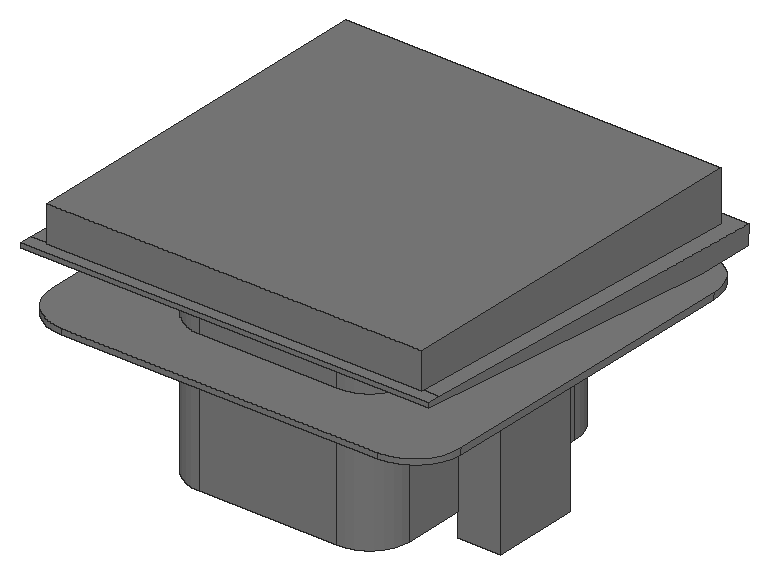
Revit family "Gira_260565", category Electrical Fixtures, host Face, Revit 2017
Family settings
  Host = Face
  Maintain Annotation Orientation = Yes
  Round Connector Dimension = Use Diameter
  Part Type = Normal
  Cut with Voids When Loaded = No
  Shared = No
  Room Calculation Point = No
Parameters (values of type "Gira Keyless In keypad Gira TX_44 (WP FM) c.alum.")
  URL = "http://katalog.gira.de/en/datenblatt.html?artikelnr=260565"
  Transparent = "No"
  Other bus systems = "Other"
  Name = "Gira Keyless In keypad Gira TX_44 (WP FM) c.alum."
  Model = "Code lock"
  Manufacturer URL = "https://www.gira.de/"
  Manufacturer = "Gira"
  Keynote = ""
  HeinzeBIM = "https://bimportal.heinze.de/bim/gira-keyless-in-keypad-gira-tx-44-wp-fm-c-alum-/368e647f0b333f7c847c57f4b0c4be24b2732564"
  HAN = "260565"
  GTIN = "4010337051411"
  Description = "Gira Keyless In keypad TX_44 CAl,Gira Keyless In keypad,,colour aluminium,Features:,- Installation in a device box.,- Stand-alone device or in combination with the Gira door communication system.,- For stand-alone operation, the integrated zero-voltage relay contacts are used for switching actions, e.g. for a door opener with its own power supply (e.g. common doorbell transformer).,- Start-up with direct configuration without a PC or programming software.,Inputs and outputs:,- Switching contact: Two relays with zero-voltage 2-way switch contacts, load capacity AC DC 24 V   1.6 A.,- Two connections for power supply.,- Keypad as an access control system with a capacitive and therefore wear-free button field.,- Frequently used number combinations cannot be recognised.,- Stand-alone device or in combination with the Gira door communication system as a door call system for buildings with several residential units.,- Special button C\": Deleting an incorrect entry.,- Special button \"Key\": Direct door opening when the correct code has been entered.,- Special button \"Bell\": Specific selection of home stations in large facilities.,- Special button \"F\": Switching functions with switching actuators of the Gira door communication system.,- Homogeneous blue LED illumination of the numbers and special characters at night.,- Master PIN number provided on included sealed safety card if Administrator PIN number is lost.,- The keypad can manage up to 255 codes.,- Up to 32-digit codes are possible.,- Audible feedback when button is pressed.,- Three-colour LED status display during programming and operation.,- Warning tone in case of unauthorised removal of the keypad top unit for tamper detection. Tampering circuit with switching actuator in the Gira door communication system.,- The two integrated 2--way switch relays can be assigned two different codes, e.g. Code 1: door opening, Code 2: switching outdoor light.,Inputs and outputs:,- Connection cable connector strip for the Gira door communication system.,,Notes :,- Keyless In devices can be connected to the Gira HomeServer using the DCS-IP gateway. This enables intelligent links. In this way, e.g. temporary or one-time access authorisation can be easily granted. All data including access authorisations can be managed centrally and flexibly using the Gira HomeServer.,- Integration possible in Profile 55.\""
  Default Elevation = 1219.2 mm
  Data sheet (1) = "https://katalog.gira.de/en/download.html?artikelnr=260565"
  Category = "Access control unit for bus system"
  Bus system radio frequent = "No"
  Bus system Powernet = "No"
  Bus system LON = "No"
  Bus system KNX radio = "No"
  Bus system KNX = "No"
  Bus connection included = "Yes"
  BIM (1) = "https://media.stage.bim.site/public/gira/36a6b08/TX44_Komplettgerät_Schalten und Tasten.rfa?public/gira/36a6b08/TX44_Komplettgerät_Schalten und Tasten.rfa"
  Available = "No"
Reference planes
  plane 1 "Center (Front/Back)": y = 0
  plane 2 "Reference Level 0": z = 0
  plane 3 "Center (Left/Right)": x = 0
  plane 4: z = -28.6
Forms (mm)
  Extrusion 1, solid, material "Default", detail levels fine
    sketch origin (0, 0, 0) x (1, 0, 0) y (0, 1, 0)
      loop
        line (-32.604, 32.5) -> (-32.604, -32.5) -> (32.735, -32.5) -> (32.735, 32.5) -> (-32.604, 32.5)
    from 0 to 12.3
  Extrusion 2, solid, material "Default", detail levels fine
    sketch origin (0, 0, 0) x (0, 1, 0) y (0, 0, 1)
      loop
        line (35, 3.483) -> (-32.2, 6) -> (-34.55, 6) -> (-34.536, 5.199) -> (24.886, 0) -> (34.939, 0) -> (35, 3.483)
    from -35.5 to 35.5
  Extrusion 3, void
    sketch origin (0, 0, 0) x (0, 1, 0) y (0, 0, 1)
      loop
        line (42.419, 3.205) -> (-32.2, 6) -> (-42.193, 6) -> (-42.193, -11.826) -> (42.419, -11.826) -> (42.419, 3.205)
    from -64.194 to 61.264
  Extrusion 4, solid, material "Default", detail levels fine
    sketch origin (0, 0, 0) x (1, 0, 0) y (0, 1, 0)
      loop
        arc (35.5, 27.5) -> (33.157, 33.157) -> (27.5, 35.5) r 8
        line (27.5, 35.5) -> (-27.5, 35.5)
        arc (-27.5, 35.5) -> (-33.157, 33.157) -> (-35.5, 27.5) r 8
        line (-35.5, 27.5) -> (-35.5, -27.5)
        arc (-35.5, -27.5) -> (-33.157, -33.157) -> (-27.5, -35.5) r 8
        line (-27.5, -35.5) -> (27.5, -35.5)
        arc (27.5, -35.5) -> (33.157, -33.157) -> (35.5, -27.5) r 8
        line (35.5, -27.5) -> (35.5, 27.5)
    from -4.1 to -5.1
  Extrusion 5, solid, material "Default", detail levels fine
    sketch origin (0, 0, 0) x (1, 0, 0) y (0, 1, 0)
      loop
        arc (-12, 25) -> (-16.95, 22.95) -> (-19, 18) r 7
        line (-19, 18) -> (-19, -18)
        arc (-19, -18) -> (-16.95, -22.95) -> (-12, -25) r 7
        line (-12, -25) -> (12, -25)
        arc (12, -25) -> (16.95, -22.95) -> (19, -18) r 7
        line (19, -18) -> (19, 18)
        arc (19, 18) -> (16.95, 22.95) -> (12, 25) r 7
        line (12, 25) -> (-12, 25)
    from 4.692 to -28.6
  Extrusion 6, solid, material "Default", detail levels fine
    sketch origin (0, 0, 0) x (1, 0, 0) y (0, 1, 0)
      loop
        line (-26.5, -7.5) -> (-19, -7.5) -> (-19, 7.5) -> (-26.5, 7.5) -> (-26.5, -7.5)
    from -5.1 to -32.6
  Extrusion 7, solid, material "Default", detail levels fine
    sketch origin (0, 0, 0) x (-1, 0, 0) y (0, -1, 0)
      loop
        line (-26.5, 7.5) -> (-26.5, -7.5) -> (-19, -7.5) -> (-19, 7.5) -> (-26.5, 7.5)
    from -5.1 to -32.6
  Extrusion 8, solid, material "Default", detail levels medium
    sketch origin (0, 0, 0) x (1, 0, 0) y (0, 1, 0)
      loop
        line (-32.604, 32.5) -> (-32.604, -32.5) -> (32.735, -32.5) -> (32.735, 32.5) -> (-32.604, 32.5)
    from 0 to 12.3
  Extrusion 9, solid, material "Default", detail levels medium
    sketch origin (0, 0, 0) x (0, 1, 0) y (0, 0, 1)
      loop
        line (35, 3.483) -> (-32.2, 6) -> (-34.55, 6) -> (-34.445, 0) -> (34.939, 0) -> (35, 3.483)
    from -35.5 to 35.5
  Extrusion 10, solid, material "Default", detail levels medium
    sketch origin (0, 0, 0) x (1, 0, 0) y (0, 1, 0)
      loop
        line (-26.5, 25) -> (-26.5, -25) -> (26.5, -25) -> (26.5, 25) -> (-26.5, 25)
    from 4.692 to -32.6
  Extrusion 11, solid, material "Default", detail levels medium
    sketch origin (0, 0, 0) x (1, 0, 0) y (0, 1, 0)
      loop
        line (35.5, 35.5) -> (-35.5, 35.5) -> (-35.5, -35.5) -> (35.5, -35.5) -> (35.5, 35.5)
    from -4.1 to -5.1
  Extrusion 12, solid, material "Default", detail levels coarse
    sketch origin (0, 0, 0) x (1, 0, 0) y (0, 1, 0)
      loop
        line (35.5, 35.5) -> (-35.5, 35.5) -> (-35.5, -35.5) -> (35.5, -35.5) -> (35.5, 35.5)
    from -32.6 to 12.3
Cuts and joins
  Extrusion 3 cuts Extrusion 1
  joined: Extrusion 1, Extrusion 2, Extrusion 4, Extrusion 5, Extrusion 6, Extrusion 7
Dimensions and locks
  Extrusion 12 to Extrusion 12 = 44.9 mm
  aligned and locked: plane 2 "Reference Level 0" to host face
  aligned and locked: level to host face
  aligned and locked: plane 3 "Center (Left/Right)" to nested 1
  aligned and locked: plane 1 "Center (Front/Back)" to nested 1
Nested families
  nested 1: "Schalter" at (0, 0, 0), type "Schalter"
Connectors
  electrical at (0, 0, -32.6)
    settings: on Extrusion 12, index 1, voltage 220 V, apparent load 0 VA, apparent load phase1 0 VA, apparent load phase2 0 VA, apparent load phase3 0 VA, power factor 1, load classification "Other", number of poles 1, system type 30, power factor state 1, is connector primary yes, connector utility no, sub classification motor no, connector description ""
Definition of nested family "Schalter"
  Reference planes
    plane 1: y = 0
    plane 2: x = 0
  Lines and regions (mm)
    detail lines
      curve 1: circle (1.375, 2.778, 0) r 0.8 normal (0, 0, 1)
      curve 2: line (1.021, 2.061, 0) -> (0, 0, 0)
      curve 3: line (0, 0, 0) -> (-0.538, 0.266, 0)
  Dimensions and locks
    curve 2 to curve 2 = 2.3 mm
    curve 3 to curve 2 = 0.6 mm
    radius of curve 1 = 0.8 mm
